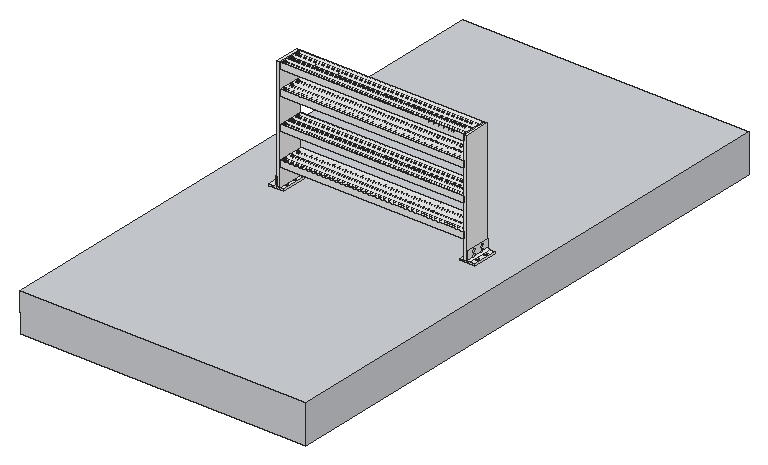
Revit family
Parameters (values of type "36" Projection")
  Warranty = "http://www.alllite-louvers.com/catalog/All-Lite-Warranty.pdf"
  URL = "http://www.alllite-louvers.com"
  Support Height = Projection - 5" + 1 1/32"  # 32 1/32"
  Strut/Shroud = Extruded Aluminum
  Strut = no
  Specifications = "http://www.alllite-louvers.com/catalog/ssr-845-csi-specification.doc"
  SmartBIM Object Version = 3  # constant formula
  SmartBIM Object Created By = "Reed Construction Data"  # constant formula
  Shroud = no
  Projection = 36"
  Product URL = "http://www.alllite-louvers.com/catalog.php?model=SSR-845"
  Outrigger Spacing = 60"
  Outrigger Material = Extruded Aluminum
  Outrigger Height = Projection - 1/2"  # 35 1/2"
  Outrigger = "8\" high x  0.250\" thick plate with flat front."
  Mounting Bracket = "Exposed"  # constant formula
  Model Number = "SSR-845"  # constant formula
  Minimum Size = "12\""
  Maximum Size - Single Section = "96\""
  Maximum Size - Multiple Section = "Unlimited"  # constant formula
  Material = "Mill finish 6063-T5 extruded aluminum."  # constant formula
  Manufacturer = "All-Lite"  # constant formula
  Fascia = "8\" x 2\" x 0.125\" thick rectangular tube"
  Fascia Material = Extruded Aluminum
  Exposed Mounting Bracket = yes
  Default Elevation = 48"
  Cut Sheet = "http://www.alllite-louvers.com/catalog/SSR845.pdf"
  Concealed Mounting Bracket = not(Exposed Mounting Bracket)  # no
  Blades = "0.125\" thick rectangular tube style"
  Blade Material = Extruded Aluminum
  Assembly Code = "B2010400"
  A = 45.00°
  95 CSI = "10700"  # constant formula
  04 CSI = "10 71 13"  # constant formula
Types (4): name | Support Height | Projection | Outrigger Height | Maximum Size - Single Section
  36" Projection | 32 1/32" | 36" | 35 1/2" | "96\""
  42" Projection | 38 1/32" | 42" | 41 1/2" | "96\""
  48" Projection | 44 1/32" | 48" | 47 1/2" | "96\""
  60" Projection | 56 1/32" | 60" | 59 1/2" | "16\""
Reference planes (in)
  plane 1 "Center (Front/Back)": y = 0
  plane 2: z = 0
  plane 3 "Center (Left/Right)": x = 36
  plane 4: z = 36
  plane 5: x = 6
  plane 6: x = 66
  plane 7: x = 65.75
  plane 8: z = 31
  plane 9: y = 8
  plane 10: y = 4
  plane 11: z = 0.5
Forms (in)
  Extrusion 1, solid
    sketch origin (0, 0, 0) x (1, 0, 0) y (0, 1, 0)
      loop
        line (-11.05284, 94.58626) -> (-11.05284, -79.70833) -> (79.04536, -79.70833) -> (79.04536, 94.58626) -> (-11.05284, 94.58626)
    from 0 to -12
Dimensions and locks (in)
  equal spacing: plane 5, plane 3 "Center (Left/Right)", plane 6
  "Outrigger Spacing": plane 5 to plane 6
  "Projection": plane 4 to level
  locked: plane 6 to plane 7 at 0.25
  locked: plane 4 to plane 8 at 5
  nested 1 to nested 1 = 10.80584"
  locked: plane 9 to plane 1 "Center (Front/Back)" at 8
  equal spacing: plane 9, plane 10, plane 1 "Center (Front/Back)"
  locked: plane 11 to plane 2 at 0.5
  aligned and locked: Extrusion 1 to plane 2
  aligned and locked: level to Extrusion 1
  aligned and locked: plane 3 "Center (Left/Right)" to nested 1
  aligned and locked: nested 1 to plane 1 "Center (Front/Back)"
  aligned and locked: nested 4 to plane 5
  aligned and locked: nested 4 to level
  aligned and locked: level to nested 5
  aligned and locked: nested 5 to plane 6
  aligned and locked: plane 5 to nested 6
  aligned and locked: plane 6 to nested 7
  aligned and locked: nested 6 to plane 10
  aligned and locked: nested 7 to plane 10
  aligned and locked: plane 11 to nested 1
  aligned and locked: nested 3 to plane 5
  aligned and locked: nested 2 to plane 6
Automatic sketch dimensions
  Extrusion 1 sketch curve to Extrusion 1 sketch curve = 90.0982"
  Extrusion 1 sketch curve to Extrusion 1 sketch curve = 174.29459"
Nested families (in)
  nested 1: "Outrigger-With-Blades" at (36, 0, 0.5) x (0, 1, 0) z (0, 0, 1), type "Outrigger-With-Blades"
    with Projection 35 1/2", #Of Blades 3
  nested 2: "Strut Connection" at (66.62966, 7.5, 0), type "Strut Connection"
    with Strut no
  nested 3: "Strut Connection" at (5.37034, 7.5, 0) x (-1, 0, 0) z (0, 0, 1), type "Strut Connection"
    with Strut no
  nested 4: "Shroud Connection" at (6.56716, 0.5, 0), type "Shroud Connection"
    with Shroud no
  nested 5: "Shroud Connection" at (65.43284, 0.5, 0) x (-1, 0, 0) z (0, 0, 1), type "Shroud Connection"
    with Shroud no
  nested 6: "Bracket" at (5.875, 4, 0), type "Bracket"
    with Concealed Mounting Bracket no
  nested 7: "Bracket" at (66.125, 4, 0), type "Bracket"
    with Concealed Mounting Bracket no
Definition of nested family "Outrigger-With-Blades"
  Parameters (values of type "Outrigger-With-Blades")
    Projection = 60"
    Outrigger Thickness = 1"
    Outrigger Spacing = 60"
    Outrigger Material = none
    Outrigger Hight = 8"
    Fascia = none
    Blade Material = none
    Assembly Code = ""
    #Of Blades = ((Projection - 6") / 10")  # 5
  Reference planes (in)
    plane 1 "Center (Front/Back)": y = 0
    plane 2: z = 0
    plane 3 "Center (Left/Right)": x = 0
    plane 4: z = 60
    plane 5: y = 30
    plane 6: y = -30
    plane 7: y = 29
    plane 8: y = -29
    plane 9: x = 4
    plane 10: z = 6
    plane 11: z = 16.80584
    plane 12: z = 6.80584
  Forms (in)
    Extrusion 1, solid, material <- "Outrigger Material"
      sketch origin (-26.08204, 30, 48) x (-1, 0, 0) y (0, 0, 1)
        loop
          line (-26.08204, 12) -> (-34.08204, 12) -> (-34.08204, -48) -> (-26.08204, -48) -> (-26.08204, 12)
      from 0 to -1
    Extrusion 2, solid, material <- "Outrigger Material"
      sketch origin (-26.08204, -30, 48) x (-1, 0, 0) y (0, 0, -1)
        loop
          line (-26.08204, -12) -> (-26.08204, 48) -> (-34.08204, 48) -> (-34.08204, -12) -> (-26.08204, -12)
      from 0 to -1
  Dimensions and locks (in)
    "Projection": plane 4 to level
    "Outrigger Hight": Extrusion 1 sketch curve to plane 3 "Center (Left/Right)"
    equal spacing: plane 6, plane 1 "Center (Front/Back)", plane 5
    "Outrigger Spacing": plane 6 to plane 5
    "Outrigger Thickness": plane 5 to plane 7
    "Outrigger Hight": Extrusion 2 sketch curve to plane 3 "Center (Left/Right)"
    "Outrigger Thickness": plane 6 to plane 8
    locked: plane 10 to level at 6
    equal spacing: Extrusion 2, plane 9, plane 3 "Center (Left/Right)"
    locked: plane 12 to plane 10 at 0.80584
    locked: plane 11 to plane 12 at 10
    equal spacing: group 1, group 2, group 3, group 4, group 5  (x3)
    aligned and locked: Extrusion 1 sketch curve to plane 3 "Center (Left/Right)"
    aligned and locked: Extrusion 1 to plane 7
    aligned and locked: Extrusion 2 sketch curve to level
    aligned and locked: plane 3 "Center (Left/Right)" to Extrusion 2 sketch curve
    aligned and locked: plane 6 to Extrusion 2
    aligned and locked: Extrusion 2 to plane 8
    aligned and locked: plane 10 to nested 1
    aligned and locked: plane 1 "Center (Front/Back)" to nested 1
    aligned and locked: nested 1 to plane 9
    aligned and locked: plane 4 to Extrusion 1 sketch curve
    aligned and locked: plane 4 to nested 4
    aligned and locked: plane 9 to nested 4
    aligned and locked: plane 1 "Center (Front/Back)" to nested 4
  Automatic sketch dimensions
    Extrusion 1 sketch curve to level = 0"
    Extrusion 2 sketch curve to plane 4 = 0"
  Nested families (in)
    nested 1: "Blade" at (0, 0, 6), type "Blade"
    nested 2: "Blade" at (0, 0, 16), type "Blade"
    nested 3: "Blade" at (0, 0, 26), type "Blade"
    nested 4: "Blade" at (0, 0, 58), type "Blade"
    nested 5: "Blade" at (0, 0, 36), type "Blade"
    nested 6: "Blade" at (0, 0, 46), type "Blade"
  Definition of nested family "Blade"
    Parameters (values of type "Blade")
      Outrigger Thickness = 1"
      Outrigger Spacing = 60"
      Blade Material = Extruded Aluminum
      Assembly Code = ""
    Reference planes (in)
      plane 1 "Center (Front/Back)": y = 0
      plane 2: z = 0
      plane 3 "Center (Left/Right)": x = 0
      plane 4: y = -30
      plane 5: y = 30
      plane 6: y = 29
      plane 7: y = -29
      plane 8: x = 8
      plane 9: x = 4
      plane 10: z = 1
      plane 11: z = 2
    Forms (in)
      Extrusion 1, solid, material "Extruded Aluminum" <- "Blade Material"
        sketch origin (0, 0, 2) x (-0.707107, 0, -0.707107) y (0.707107, 0, -0.707107)
          loop
            line (-4.24264, 7.07107) -> (-5.65685, 5.65685) -> (0, 0) -> (1.41421, 1.41421) -> (-4.24264, 7.07107)
          loop
            line (-5.48008, 5.65685) -> (-4.60521, 4.78198)
            arc (-4.60521, 4.78198) -> (-4.57784, 5.18599) -> (-4.20547, 5.34511) r 0.38757
            arc (-4.20547, 5.34511) -> (-4.16555, 5.23659) -> (-4.23499, 5.14414) r 0.12095
            arc (-4.23499, 5.14414) -> (-4.43496, 5.02516) -> (-4.35933, 4.8051) r 0.18445
            arc (-4.35933, 4.8051) -> (-4.17043, 4.80142) -> (-4.0774, 4.96586) r 0.18445
            arc (-4.0774, 4.96586) -> (-3.97818, 5.06971) -> (-3.87433, 4.97049) r 0.10156
            arc (-3.87433, 4.97049) -> (-4.05731, 4.63241) -> (-4.44146, 4.61824) r 0.38757
            line (-4.44146, 4.61824) -> (-2.82191, 2.99869)
            arc (-2.82191, 2.99869) -> (-2.79454, 3.4027) -> (-2.42218, 3.56181) r 0.38757
            arc (-2.42218, 3.56181) -> (-2.38225, 3.45329) -> (-2.4517, 3.36084) r 0.12095
            arc (-2.4517, 3.36084) -> (-2.65167, 3.24186) -> (-2.57603, 3.0218) r 0.18445
            arc (-2.57603, 3.0218) -> (-2.38714, 3.01813) -> (-2.2941, 3.18256) r 0.18445
            arc (-2.2941, 3.18256) -> (-2.19488, 3.28641) -> (-2.09103, 3.18719) r 0.10156
            arc (-2.09103, 3.18719) -> (-2.27401, 2.84912) -> (-2.65817, 2.83494) r 0.38757
            line (-2.65817, 2.83494) -> (-1.06967, 1.24645)
            arc (-1.06967, 1.24645) -> (-1.0423, 1.65046) -> (-0.66994, 1.80957) r 0.38757
            arc (-0.66994, 1.80957) -> (-0.63001, 1.70106) -> (-0.69946, 1.60861) r 0.12095
            arc (-0.69946, 1.60861) -> (-0.89943, 1.48962) -> (-0.82379, 1.26957) r 0.18445
            arc (-0.82379, 1.26957) -> (-0.6349, 1.26589) -> (-0.54186, 1.43032) r 0.18445
            arc (-0.54186, 1.43032) -> (-0.44264, 1.53417) -> (-0.33879, 1.43495) r 0.10156
            arc (-0.33879, 1.43495) -> (-0.52177, 1.09688) -> (-0.90593, 1.08271) r 0.38757
            line (-0.90593, 1.08271) -> (0, 0.17678) -> (1.23744, 1.41421) -> (0.33151, 2.32014)
            arc (0.33151, 2.32014) -> (0.31733, 1.93599) -> (-0.02074, 1.753) r 0.38757
            arc (-0.02074, 1.753) -> (-0.11996, 1.85686) -> (-0.01611, 1.95608) r 0.10156
            arc (-0.01611, 1.95608) -> (0.14833, 2.04911) -> (0.14465, 2.23801) r 0.18445
            arc (0.14465, 2.23801) -> (-0.07541, 2.31364) -> (-0.19439, 2.11367) r 0.18445
            arc (-0.19439, 2.11367) -> (-0.28684, 2.04423) -> (-0.39536, 2.08415) r 0.12095
            arc (-0.39536, 2.08415) -> (-0.23625, 2.45652) -> (0.16776, 2.48389) r 0.38757
            line (0.16776, 2.48389) -> (-1.42073, 4.07238)
            arc (-1.42073, 4.07238) -> (-1.4349, 3.68823) -> (-1.77298, 3.50524) r 0.38757
            arc (-1.77298, 3.50524) -> (-1.8722, 3.60909) -> (-1.76835, 3.70831) r 0.10156
            arc (-1.76835, 3.70831) -> (-1.60391, 3.80135) -> (-1.60759, 3.99024) r 0.18445
            arc (-1.60759, 3.99024) -> (-1.82765, 4.06588) -> (-1.94663, 3.86591) r 0.18445
            arc (-1.94663, 3.86591) -> (-2.03908, 3.79646) -> (-2.1476, 3.83639) r 0.12095
            arc (-2.1476, 3.83639) -> (-1.98848, 4.20875) -> (-1.58447, 4.23612) r 0.38757
            line (-1.58447, 4.23612) -> (-3.20403, 5.85568)
            arc (-3.20403, 5.85568) -> (-3.2182, 5.47152) -> (-3.55627, 5.28854) r 0.38757
            arc (-3.55627, 5.28854) -> (-3.65549, 5.39239) -> (-3.55164, 5.49161) r 0.10156
            arc (-3.55164, 5.49161) -> (-3.38721, 5.58465) -> (-3.39089, 5.77354) r 0.18445
            arc (-3.39089, 5.77354) -> (-3.61094, 5.84918) -> (-3.72993, 5.64921) r 0.18445
            arc (-3.72993, 5.64921) -> (-3.82238, 5.57976) -> (-3.93089, 5.61969) r 0.12095
            arc (-3.93089, 5.61969) -> (-3.77178, 5.99205) -> (-3.36777, 6.01942) r 0.38757
            line (-3.36777, 6.01942) -> (-4.24264, 6.89429) -> (-5.48008, 5.65685)
        from -29 to 29
    Dimensions and locks (in)
      equal spacing: plane 4, plane 1 "Center (Front/Back)", plane 5
      "Outrigger Spacing": plane 5 to plane 4
      "Outrigger Thickness": plane 5 to plane 6
      "Outrigger Thickness": plane 4 to plane 7
      equal spacing: plane 11, plane 10, plane 2
      plane 11 to plane 2 = 2"
      equal spacing: plane 8, plane 9, plane 3 "Center (Left/Right)"
      plane 8 to plane 3 "Center (Left/Right)" = 8"
      aligned and locked: plane 7 to Extrusion 1
      aligned and locked: plane 6 to Extrusion 1
    Automatic sketch dimensions
      Extrusion 1 sketch curve to Extrusion 1 sketch curve = 0"  (x50)
      Extrusion 1 sketch curve to plane 8 = 0"  (x2)
      Extrusion 1 sketch curve to plane 11 = 0"
      Extrusion 1 sketch curve to level = 0"
      Extrusion 1 sketch curve to plane 9 = 0"  (x2)
      Extrusion 1 sketch curve to plane 3 "Center (Left/Right)" = 0"
      Extrusion 1 sketch curve to Extrusion 1 sketch curve = 0.17678"  (x3)
      Extrusion 1 sketch curve to Extrusion 1 sketch curve = 0.87487"
      Extrusion 1 sketch curve to Extrusion 1 sketch curve = 0.16374"  (x7)
      Extrusion 1 sketch curve to Extrusion 1 sketch curve = 0.08214"  (x3)
      Extrusion 1 sketch curve to Extrusion 1 sketch curve = 0.07412"  (x3)
      Extrusion 1 sketch curve to Extrusion 1 sketch curve = 0.09753"  (x3)
      Extrusion 1 sketch curve to Extrusion 1 sketch curve = 0.05022"  (x3)
      Extrusion 1 sketch curve to Extrusion 1 sketch curve = 0.07974"  (x3)
      Extrusion 1 sketch curve to Extrusion 1 sketch curve = 0.1844"  (x3)
      Extrusion 1 sketch curve to Extrusion 1 sketch curve = 0.10154"  (x4)
      Extrusion 1 sketch curve to Extrusion 1 sketch curve = 0.27458"  (x3)
      Extrusion 1 sketch curve to Extrusion 1 sketch curve = 0.09094"  (x3)
      Extrusion 1 sketch curve to Extrusion 1 sketch curve = 0.11003"  (x3)
      Extrusion 1 sketch curve to Extrusion 1 sketch curve = 0.17365"  (x3)
      Extrusion 1 sketch curve to Extrusion 1 sketch curve = 0.00232"  (x3)
      Extrusion 1 sketch curve to Extrusion 1 sketch curve = 0.0042"  (x3)
      Extrusion 1 sketch curve to Extrusion 1 sketch curve = 0.15655"  (x3)
      Extrusion 1 sketch curve to Extrusion 1 sketch curve = 0.02312"  (x3)
      Extrusion 1 sketch curve to Extrusion 1 sketch curve = 0.18686"  (x4)
      Extrusion 1 sketch curve to Extrusion 1 sketch curve = 1.05241"
      Extrusion 1 sketch curve to Extrusion 1 sketch curve = 1.06967"
      Extrusion 1 sketch curve to Extrusion 1 sketch curve = 0.90593"
      Extrusion 1 sketch curve to Extrusion 1 sketch curve = 0.31805"  (x2)
      Extrusion 1 sketch curve to Extrusion 1 sketch curve = 0.02952"  (x3)
      Extrusion 1 sketch curve to Extrusion 1 sketch curve = 0.34341"
      Extrusion 1 sketch curve to Extrusion 1 sketch curve = 0.38747"
      Extrusion 1 sketch curve to Extrusion 1 sketch curve = 1.03861"
Definition of nested family "Bracket"
  Parameters
    Mounting Bracket = Extruded Aluminum
    Exposed Mounting Bracket = yes
    Concealed Mounting Bracket = yes
  Reference planes (in)
    plane 1 "Center (Front/Back)": y = 0
    plane 2: z = 0
    plane 3 "Center (Left/Right)": x = 0
    plane 4: x = 0.125
    plane 5: x = -0.125
  Forms (in)
    Extrusion 1, solid, material "Extruded Aluminum" <- "Mounting Bracket", visible <- "Exposed Mounting Bracket"
      sketch origin (0, -3, 0) x (1, 0, 0) y (0, 0, -1)
        loop
          line (0.125, -3.5) -> (0.125, -1)
          arc (0.125, -1) -> (0.27145, -0.64645) -> (0.625, -0.5) r 0.5
          line (0.625, -0.5) -> (2.25, -0.5) -> (2.25, 0) -> (-2.25, 0) -> (-2.25, -0.5) -> (-0.625, -0.5)
          arc (-0.625, -0.5) -> (-0.27145, -0.64645) -> (-0.125, -1) r 0.5
          line (-0.125, -1) -> (-0.125, -3.5) -> (0.125, -3.5)
      from -1 to 7
    Extrusion 2, solid, material "Extruded Aluminum" <- "Mounting Bracket", visible <- "Exposed Mounting Bracket"
      sketch origin (0, -3.34375, 0) x (0, 0, -1) y (0, 1, 0)
        loop
          line (-3.01381, 1.1732) -> (-2.54571, 1.1732) -> (-2.31166, 1.57859) -> (-2.54571, 1.98398) -> (-3.01381, 1.98398) -> (-3.24786, 1.57859) -> (-3.01381, 1.1732)
        loop
          line (-1.59929, 1.1732) -> (-1.13119, 1.1732) -> (-0.89714, 1.57859) -> (-1.13119, 1.98398) -> (-1.59929, 1.98398) -> (-1.83334, 1.57859) -> (-1.59929, 1.1732)
        loop
          line (-3.01381, 4.50546) -> (-2.54571, 4.50546) -> (-2.31166, 4.91085) -> (-2.54571, 5.31624) -> (-3.01381, 5.31624) -> (-3.24786, 4.91085) -> (-3.01381, 4.50546)
        loop
          line (-1.59929, 4.50546) -> (-1.13119, 4.50546) -> (-0.89714, 4.91085) -> (-1.13119, 5.31624) -> (-1.59929, 5.31624) -> (-1.83334, 4.91085) -> (-1.59929, 4.50546)
      from 0.125 to 0.25
    Extrusion 3, solid, material "Extruded Aluminum" <- "Mounting Bracket", visible <- "Exposed Mounting Bracket"
      sketch origin (0, -3.34375, 0) x (0, 0, -1) y (0, -1, 0)
        loop
          line (-3.01381, -1.1732) -> (-3.24786, -1.57859) -> (-3.01381, -1.98398) -> (-2.54571, -1.98398) -> (-2.31166, -1.57859) -> (-2.54571, -1.1732) -> (-3.01381, -1.1732)
        loop
          line (-1.59929, -1.1732) -> (-1.83334, -1.57859) -> (-1.59929, -1.98398) -> (-1.13119, -1.98398) -> (-0.89714, -1.57859) -> (-1.13119, -1.1732) -> (-1.59929, -1.1732)
        loop
          line (-3.01381, -4.50546) -> (-3.24786, -4.91085) -> (-3.01381, -5.31624) -> (-2.54571, -5.31624) -> (-2.31166, -4.91085) -> (-2.54571, -4.50546) -> (-3.01381, -4.50546)
        loop
          line (-1.59929, -4.50546) -> (-1.83334, -4.91085) -> (-1.59929, -5.31624) -> (-1.13119, -5.31624) -> (-0.89714, -4.91085) -> (-1.13119, -4.50546) -> (-1.59929, -4.50546)
      from 0.125 to 0.25
    Extrusion 4, solid, material "Extruded Aluminum" <- "Mounting Bracket", visible <- "Exposed Mounting Bracket"
      sketch origin (-4.22137, -3.34375, 0.875) x (-1, 0, 0) y (0, -1, 0)
        loop
          line (-3.20131, -1.2575) -> (-3.43536, -1.66289) -> (-3.20131, -2.06828) -> (-2.73321, -2.06828) -> (-2.49916, -1.66289) -> (-2.73321, -1.2575) -> (-3.20131, -1.2575)
        loop
          line (-3.20131, -4.56267) -> (-3.43536, -4.96806) -> (-3.20131, -5.37344) -> (-2.73321, -5.37344) -> (-2.49916, -4.96806) -> (-2.73321, -4.56267) -> (-3.20131, -4.56267)
      from -0.375 to -0.32394
    Extrusion 5, solid, material "Extruded Aluminum" <- "Mounting Bracket", visible <- "Exposed Mounting Bracket"
      sketch origin (4.22137, -3.34375, 0.875) x (1, 0, 0) y (0, 1, 0)
        loop
          line (-3.20131, 1.2575) -> (-2.73321, 1.2575) -> (-2.49916, 1.66289) -> (-2.73321, 2.06828) -> (-3.20131, 2.06828) -> (-3.43536, 1.66289) -> (-3.20131, 1.2575)
        loop
          line (-3.20131, 4.57817) -> (-2.73321, 4.57817) -> (-2.49916, 4.98355) -> (-2.73321, 5.38894) -> (-3.20131, 5.38894) -> (-3.43536, 4.98355) -> (-3.20131, 4.57817)
      from -0.375 to -0.32394
    Extrusion 6, solid, material "Extruded Aluminum" <- "Mounting Bracket", visible <- "Concealed Mounting Bracket"
      sketch origin (0, 0, 0) x (0, 1, 0) y (0, 0, 1)
        loop
          line (4, 3.5) -> (-4, 3.5) -> (-4, 0) -> (4, 0) -> (4, 3.5)
      from -0.125 to 0.125
    Extrusion 7, solid, material "Extruded Aluminum" <- "Mounting Bracket", visible <- "Concealed Mounting Bracket"
      sketch origin (-0.25, -3.34375, 0) x (0, 0, -1) y (0, -1, 0)
        loop
          line (-3.24786, -4.91085) -> (-3.01381, -5.31624) -> (-2.54571, -5.31624) -> (-2.31166, -4.91085) -> (-2.54571, -4.50546) -> (-3.01381, -4.50546) -> (-3.24786, -4.91085)
        loop
          line (-3.24786, -1.57859) -> (-3.01381, -1.98398) -> (-2.54571, -1.98398) -> (-2.31166, -1.57859) -> (-2.54571, -1.1732) -> (-3.01381, -1.1732) -> (-3.24786, -1.57859)
        loop
          line (-1.83334, -1.57859) -> (-1.59929, -1.98398) -> (-1.13119, -1.98398) -> (-0.89714, -1.57859) -> (-1.13119, -1.1732) -> (-1.59929, -1.1732) -> (-1.83334, -1.57859)
        loop
          line (-1.59929, -4.50546) -> (-1.83334, -4.91085) -> (-1.59929, -5.31624) -> (-1.13119, -5.31624) -> (-0.89714, -4.91085) -> (-1.13119, -4.50546) -> (-1.59929, -4.50546)
      from -0.375 to -0.5
    Extrusion 8, solid, material "Extruded Aluminum" <- "Mounting Bracket", visible <- "Concealed Mounting Bracket"
      sketch origin (0.25, -3.34375, 0) x (0, 0, -1) y (0, 1, 0)
        loop
          line (-3.24786, 4.91085) -> (-3.01381, 4.50546) -> (-2.54571, 4.50546) -> (-2.31166, 4.91085) -> (-2.54571, 5.31624) -> (-3.01381, 5.31624) -> (-3.24786, 4.91085)
        loop
          line (-3.24786, 1.57859) -> (-3.01381, 1.1732) -> (-2.54571, 1.1732) -> (-2.31166, 1.57859) -> (-2.54571, 1.98398) -> (-3.01381, 1.98398) -> (-3.24786, 1.57859)
        loop
          line (-1.83334, 1.57859) -> (-1.59929, 1.1732) -> (-1.13119, 1.1732) -> (-0.89714, 1.57859) -> (-1.13119, 1.98398) -> (-1.59929, 1.98398) -> (-1.83334, 1.57859)
        loop
          line (-1.59929, 4.50546) -> (-1.13119, 4.50546) -> (-0.89714, 4.91085) -> (-1.13119, 5.31624) -> (-1.59929, 5.31624) -> (-1.83334, 4.91085) -> (-1.59929, 4.50546)
      from -0.375 to -0.5
  Dimensions and locks (in)
    plane 3 "Center (Left/Right)" to plane 4 = 1/8"
    aligned and locked: Extrusion 2 to Extrusion 1
    aligned and locked: Extrusion 3 to Extrusion 1
    aligned and locked: Extrusion 4 to Extrusion 1
    aligned and locked: Extrusion 5 to Extrusion 1
    aligned and locked: Extrusion 1 to plane 5
    aligned and locked: Extrusion 1 to plane 4
    aligned and locked: Extrusion 6 to plane 5
    aligned and locked: Extrusion 6 to plane 4
    aligned and locked: Extrusion 1 to Extrusion 6  (x2)
    aligned and locked: Extrusion 1 to Extrusion 7
    aligned and locked: Extrusion 8 to Extrusion 1
    aligned and locked: level to Extrusion 6 sketch curve
Definition of nested family "Strut Connection"
  Parameters (values of type "Strut Connection")
    Support = Extruded Aluminum
    Strut = yes
    Height = 32 1/32"
    Assembly Code = ""
    A = 45.00°
  Reference planes (in)
    plane 1 "Center (Front/Back)": y = 0
    plane 2: z = 0
    plane 3 "Center (Left/Right)": x = 0
    plane 4: z = 32.03125
    plane 5: x = -0.56716
  Forms (in)
    Extrusion 1, solid, material "Extruded Aluminum" <- "Support", visible <- "Strut"
      sketch origin (0, 0, 32.03125) x (0, -0.707107, -0.707107) y (0, 0.707107, -0.707107)
        loop
          line (43.73126, 1.39128) -> (45.1898, -0.06725) -> (45.32899, -0.02996) -> (43.8195, 1.47953) -> (43.73126, 1.39128)
      from -1.16425 to -0.50466
    Extrusion 2, solid, material "Extruded Aluminum" <- "Support", visible <- "Strut"
      sketch origin (0, -12.00474, 32.03125) x (0, -0.707107, -0.707107) y (0, 0.707107, -0.707107)
        loop
          line (35.24598, 9.87656) -> (34.32578, 8.95637) -> (34.32578, 8.08532) -> (34.76733, 7.71752) -> (36.70117, 8.42138) -> (35.24598, 9.87656)
      from -0.62966 to -0.50466
    Revolve 3, solid, material "Extruded Aluminum" <- "Support", visible <- "Strut"
      sketch origin (-0.57205, 0, 36) x (0, -0.707107, -0.707107) y (0, 0.707107, -0.707107)
        loop
          line (45.62074, 2.15302) -> (45.54726, 2.80633) -> (5.34982, 2.80633) -> (5.34982, 2.15302) -> (7.30446, 2.15302) -> (7.34387, 2.19243) -> (7.49769, 2.19243) -> (7.49769, 2.34625) -> (9.15129, 2.34625) -> (9.15129, 2.21336) -> (41.84765, 2.21336) -> (41.84765, 2.34625) -> (43.50125, 2.34625) -> (43.50125, 2.19243) -> (43.65508, 2.19243) -> (43.69449, 2.15302) -> (45.62074, 2.15302)
        axis (5.34982, 2.80633) -> (45.62074, 2.80633)
      angle from 0 to 360
    Extrusion 4, solid, material "Extruded Aluminum" <- "Support", visible <- "Strut"
      sketch origin (0, 0, 32.03125) x (0, -0.707107, -0.707107) y (0, 0.707107, -0.707107)
        loop
          line (42.81441, 0.40331) -> (42.81441, -0.40331) -> (43.33232, -0.40331)
          arc (43.33232, -0.40331) -> (43.73564, 0) -> (43.33232, 0.40331) r 0.40331
          line (43.33232, 0.40331) -> (42.81441, 0.40331)
        loop
          circle (43.21303, 0) r 0.25
      from -0.50466 to -0.39838
    Extrusion 5, solid, material "Extruded Aluminum" <- "Support", visible <- "Strut"
      sketch origin (0, 0, 32.03125) x (0, -0.707107, -0.707107) y (0, 0.707107, -0.707107)
        loop
          line (42.81441, 0.40331) -> (42.81441, -0.40331) -> (43.33232, -0.40331)
          arc (43.33232, -0.40331) -> (43.73564, 0) -> (43.33232, 0.40331) r 0.40331
          line (43.33232, 0.40331) -> (42.81441, 0.40331)
        loop
          circle (43.21303, 0) r 0.25
      from -0.72204 to -0.62966
    Extrusion 6, solid, material "Extruded Aluminum" <- "Support", visible <- "Strut"
      sketch origin (0, 0, 32.03125) x (0, -0.707107, -0.707107) y (0, 0.707107, -0.707107)
        loop
          line (2.54349, 0.40331) -> (2.02558, 0.40331)
          arc (2.02558, 0.40331) -> (1.62227, 0) -> (2.02558, -0.40331) r 0.40331
          line (2.02558, -0.40331) -> (2.54349, -0.40331) -> (2.54349, 0.40331)
        loop
          circle (2.18595, 0) r 0.24295
      from -0.50466 to -0.39838
    Extrusion 7, solid, material "Extruded Aluminum" <- "Support", visible <- "Strut"
      sketch origin (0, 0, 32.03125) x (0, -0.707107, -0.707107) y (0, 0.707107, -0.707107)
        loop
          line (2.54349, 0.65331) -> (2.04349, 0.65331)
          arc (2.04349, 0.65331) -> (2.01476, 0.65166) -> (1.98642, 0.64671) r 0.25
          arc (1.98642, 0.64671) -> (1.84757, 0.55861) -> (1.79349, 0.40331) r 0.25
          line (1.79349, 0.40331) -> (1.79349, -0.40331)
          arc (1.79349, -0.40331) -> (1.86671, -0.58009) -> (2.04349, -0.65331) r 0.25
          line (2.04349, -0.65331) -> (2.54349, -0.65331) -> (2.54349, 0.65331)
        loop
          circle (2.18595, 0) r 0.24295
      from -0.72204 to -0.62966
    Extrusion 8, solid, material "Extruded Aluminum" <- "Support", visible <- "Strut"
      sketch origin (0, 0, 32.03125) x (0, -0.707107, -0.707107) y (0, 0.707107, -0.707107)
        loop
          line (2.71645, 0.23035) -> (-3.83054, 6.77735) -> (-4.66877, 5.93913) -> (1.87823, -0.60787)
          arc (1.87823, -0.60787) -> (2.71645, -0.60787) -> (2.71645, 0.23035) r 0.59271
        loop
          circle (2.18595, 0) r 0.24295
        loop
          circle (0.86828, 1.26818) r 0.31811
        loop
          circle (-3.69822, 5.8547) r 0.31811
      from -0.62966 to -0.50466
  Cuts and joins
    joined: Extrusion 1, Extrusion 2
    joined: Extrusion 6, Extrusion 8
  Lines and regions (in)
    reference lines
      curve 1: line (0, 0, 32.03125) -> (0, -32.03125, 0)
  Dimensions and locks (in)
    "Height": level to plane 4
    "A": angle plane 1 "Center (Front/Back)" to curve 1
    aligned and locked: plane 4 to curve 1
    aligned and locked: plane 1 "Center (Front/Back)" to curve 1
    aligned and locked: level to curve 1
  Automatic sketch dimensions
    Extrusion 1 sketch curve to curve 1 = 1.56777"
    Extrusion 1 sketch curve to Extrusion 1 sketch curve = 0.08824"
    Extrusion 1 sketch curve to curve 1 = 0.10923"
    curve 1 to Extrusion 1 sketch curve = 0.02996"  (x2)
    curve 1 to Extrusion 1 sketch curve = 0.06725"
    Extrusion 2 sketch curve to curve 1 = 0.46774"
    Extrusion 2 sketch curve to curve 1 = 2.48462"
    curve 1 to Extrusion 2 sketch curve = 0.77111"
    Extrusion 2 sketch curve to Extrusion 2 sketch curve = 0.44155"
    Extrusion 2 sketch curve to Extrusion 2 sketch curve = 0.9202"
    Extrusion 2 sketch curve to curve 1 = 0.10923"
    curve 1 to Extrusion 2 sketch curve = 0.40331"
    curve 1 to Extrusion 2 sketch curve = 0.06725"
    Extrusion 4 sketch curve to curve 1 = 0"  (x2)
    Extrusion 4 sketch curve to curve 1 = 0.40331"
    Extrusion 4 sketch curve to curve 1 = 2.48462"
    Extrusion 4 sketch curve to Extrusion 4 sketch curve = 0.51791"
    Extrusion 6 sketch curve to curve 1 = 0"  (x2)
    Extrusion 6 sketch curve to curve 1 = 0.40331"
    curve 1 to Extrusion 6 sketch curve = 2.02558"
    Extrusion 6 sketch curve to Extrusion 6 sketch curve = 0.51791"
    Revolve 3 sketch curve to plane 1 "Center (Front/Back)" = 0"
    Revolve 3 sketch curve to plane 4 = 0"
    Revolve 3 sketch curve to level = 0"
    Revolve 3 sketch curve to Revolve 3 sketch curve = 2.54349"
    Revolve 3 sketch curve to Revolve 3 sketch curve = 1.95464"
    Revolve 3 sketch curve to Revolve 3 sketch curve = 0.03941"  (x2)
    Revolve 3 sketch curve to Revolve 3 sketch curve = 0.15382"  (x4)
    Revolve 3 sketch curve to Revolve 3 sketch curve = 1.6536"  (x2)
    Revolve 3 sketch curve to Revolve 3 sketch curve = 6.2577"
    Revolve 3 sketch curve to Revolve 3 sketch curve = 1.85277"
    Revolve 3 sketch curve to Revolve 3 sketch curve = 0.07348"
    Revolve 3 sketch curve to Revolve 3 sketch curve = 0"
    Revolve 3 sketch curve to Revolve 3 sketch curve = 0.46008"  (x2)
    Revolve 3 sketch curve to Revolve 3 sketch curve = 0.13289"
    Revolve 3 sketch curve to Revolve 3 sketch curve = 0.65331"  (x2)
    Extrusion 5 sketch curve to curve 1 = 0"  (x2)
    curve 1 to Extrusion 5 sketch curve = 0.40331"
    Extrusion 5 sketch curve to curve 1 = 2.48462"
    Extrusion 5 sketch curve to Extrusion 5 sketch curve = 0.39862"
    Extrusion 5 sketch curve to Extrusion 5 sketch curve = 0.11929"
    Extrusion 4 sketch curve to Extrusion 4 sketch curve = 0.36929"
    Extrusion 4 sketch curve to Extrusion 4 sketch curve = 0.11929"
    Extrusion 6 sketch curve to Extrusion 6 sketch curve = 0.08259"
    Extrusion 6 sketch curve to Extrusion 6 sketch curve = 0.16036"
    Extrusion 7 sketch curve to Extrusion 7 sketch curve = 0"  (x2)
    Extrusion 7 sketch curve to curve 1 = 0"
    Extrusion 7 sketch curve to curve 1 = 0.40331"
    curve 1 to Extrusion 7 sketch curve = 1.79349"
    Extrusion 7 sketch curve to Extrusion 7 sketch curve = 0.19293"
    Extrusion 7 sketch curve to Extrusion 7 sketch curve = 1/4"
    Extrusion 7 sketch curve to Extrusion 7 sketch curve = 0.05707"
    Extrusion 7 sketch curve to Extrusion 7 sketch curve = 0.14246"
    Extrusion 7 sketch curve to Extrusion 7 sketch curve = 1/2"
    curve 1 to Extrusion 7 sketch curve = 0.40331"
    Extrusion 8 sketch curve to Extrusion 8 sketch curve = 0"  (x2)
    Extrusion 8 sketch curve to curve 1 = 0"
    Extrusion 8 sketch curve to curve 1 = 4.66877"
    Extrusion 8 sketch curve to Extrusion 8 sketch curve = 0.83822"
    Extrusion 8 sketch curve to Extrusion 8 sketch curve = 0.13232"
    curve 1 to Extrusion 8 sketch curve = 0.86828"
    curve 1 to Extrusion 8 sketch curve = 0.60787"
    curve 1 to Extrusion 8 sketch curve = 1.87823"
    Extrusion 8 sketch curve to Extrusion 8 sketch curve = 0.06477"
    Extrusion 8 sketch curve to Extrusion 8 sketch curve = 0.24295"
    curve 1 to Extrusion 8 sketch curve = 0.18876"
    Extrusion 8 sketch curve to Extrusion 8 sketch curve = 0.11139"
    Extrusion 8 sketch curve to curve 1 = 0.23035"
    curve 1 to Extrusion 8 sketch curve = 1.26818"
    Extrusion 8 sketch curve to Extrusion 8 sketch curve = 0.92265"
    radius of Extrusion 5 sketch curve = 1/4"
    radius of Extrusion 7 sketch curve = 0.24295"
    radius of Extrusion 8 sketch curve = 0.31811"  (x2)
Definition of nested family "Shroud Connection"
  Parameters (values of type "Shroud Connection")
    Support = Extruded Aluminum
    Shroud = yes
    Height = 32 1/32"
    Assembly Code = ""
    A = 45.00°
  Reference planes (in)
    plane 1 "Center (Front/Back)": y = 0
    plane 2: z = 0
    plane 3 "Center (Left/Right)": x = 0
    plane 4: z = 32.03125
    plane 5: x = -0.56716
  Forms (in)
    Extrusion 1, solid, material "Extruded Aluminum" <- "Support", visible <- "Shroud"
      sketch origin (0, 0, 32.03125) x (0, -0.707107, -0.707107) y (0, 0.707107, -0.707107)
        loop
          line (43.73126, 1.39128) -> (45.1898, -0.06725) -> (45.32899, -0.02996) -> (43.8195, 1.47953) -> (43.73126, 1.39128)
      from -1.16425 to -0.50466
    Extrusion 2, solid, material "Extruded Aluminum" <- "Support", visible <- "Shroud"
      sketch origin (0, -12.00474, 32.03125) x (0, -0.707107, -0.707107) y (0, 0.707107, -0.707107)
        loop
          line (35.24598, 9.87656) -> (34.32578, 8.95637) -> (34.32578, 8.08532) -> (34.76733, 7.71752) -> (36.70117, 8.42138) -> (35.24598, 9.87656)
      from -0.62966 to -0.50466
    Revolve 3, solid, material "Extruded Aluminum" <- "Support", visible <- "Shroud"
      sketch origin (-0.57205, 0, 36) x (0, -0.707107, -0.707107) y (0, 0.707107, -0.707107)
        loop
          line (45.62074, 2.15302) -> (45.54726, 2.80633) -> (5.34982, 2.80633) -> (5.34982, 2.15302) -> (7.30446, 2.15302) -> (7.34387, 2.19243) -> (7.49769, 2.19243) -> (7.49769, 2.34625) -> (9.15129, 2.34625) -> (9.15129, 2.21336) -> (41.84765, 2.21336) -> (41.84765, 2.34625) -> (43.50125, 2.34625) -> (43.50125, 2.19243) -> (43.65508, 2.19243) -> (43.69449, 2.15302) -> (45.62074, 2.15302)
        axis (5.34982, 2.80633) -> (45.62074, 2.80633)
      angle from 0 to 360
    Extrusion 4, solid, material "Extruded Aluminum" <- "Support", visible <- "Shroud"
      sketch origin (0, 0, 32.03125) x (0, -0.707107, -0.707107) y (0, 0.707107, -0.707107)
        loop
          line (42.81441, 0.40331) -> (42.81441, -0.40331) -> (43.33232, -0.40331)
          arc (43.33232, -0.40331) -> (43.73564, 0) -> (43.33232, 0.40331) r 0.40331
          line (43.33232, 0.40331) -> (42.81441, 0.40331)
        loop
          circle (43.21303, 0) r 0.25
      from -0.50466 to -0.39838
    Extrusion 5, solid, material "Extruded Aluminum" <- "Support", visible <- "Shroud"
      sketch origin (0, 0, 32.03125) x (0, -0.707107, -0.707107) y (0, 0.707107, -0.707107)
        loop
          line (42.81441, 0.40331) -> (42.81441, -0.40331) -> (43.33232, -0.40331)
          arc (43.33232, -0.40331) -> (43.73564, 0) -> (43.33232, 0.40331) r 0.40331
          line (43.33232, 0.40331) -> (42.81441, 0.40331)
        loop
          circle (43.21303, 0) r 0.25
      from -0.72204 to -0.62966
    Extrusion 6, solid, material "Extruded Aluminum" <- "Support", visible <- "Shroud"
      sketch origin (0, 0, 32.03125) x (0, -0.707107, -0.707107) y (0, 0.707107, -0.707107)
        loop
          line (2.54349, 0.40331) -> (2.02558, 0.40331)
          arc (2.02558, 0.40331) -> (1.62227, 0) -> (2.02558, -0.40331) r 0.40331
          line (2.02558, -0.40331) -> (2.54349, -0.40331) -> (2.54349, 0.40331)
        loop
          circle (2.18595, 0) r 0.24295
      from -0.50466 to -0.39838
    Extrusion 7, solid, material "Extruded Aluminum" <- "Support", visible <- "Shroud"
      sketch origin (0, 0, 32.03125) x (0, -0.707107, -0.707107) y (0, 0.707107, -0.707107)
        loop
          line (2.54349, 0.65331) -> (2.04349, 0.65331)
          arc (2.04349, 0.65331) -> (2.01476, 0.65166) -> (1.98642, 0.64671) r 0.25
          arc (1.98642, 0.64671) -> (1.84757, 0.55861) -> (1.79349, 0.40331) r 0.25
          line (1.79349, 0.40331) -> (1.79349, -0.40331)
          arc (1.79349, -0.40331) -> (1.86671, -0.58009) -> (2.04349, -0.65331) r 0.25
          line (2.04349, -0.65331) -> (2.54349, -0.65331) -> (2.54349, 0.65331)
        loop
          circle (2.18595, 0) r 0.24295
      from -0.72204 to -0.62966
    Extrusion 8, solid, material "Extruded Aluminum" <- "Support", visible <- "Shroud"
      sketch origin (0, 0, 32.03125) x (0, -0.707107, -0.707107) y (0, 0.707107, -0.707107)
        loop
          line (2.71645, 0.23035) -> (-3.83054, 6.77735) -> (-4.66877, 5.93913) -> (1.87823, -0.60787)
          arc (1.87823, -0.60787) -> (2.71645, -0.60787) -> (2.71645, 0.23035) r 0.59271
        loop
          circle (2.18595, 0) r 0.24295
        loop
          circle (0.86828, 1.26818) r 0.31811
        loop
          circle (-3.86181, 5.99827) r 0.31811
      from -0.62966 to -0.50466
  Cuts and joins
    joined: Extrusion 1, Extrusion 2
    joined: Extrusion 6, Extrusion 8
  Lines and regions (in)
    reference lines
      curve 1: line (0, 0, 32.03125) -> (0, -32.03125, 0)
  Dimensions and locks (in)
    "Height": level to plane 4
    "A": angle plane 1 "Center (Front/Back)" to curve 1
    aligned and locked: plane 4 to curve 1
    aligned and locked: plane 1 "Center (Front/Back)" to curve 1
    aligned and locked: level to curve 1
  Automatic sketch dimensions
    Extrusion 1 sketch curve to curve 1 = 1.56777"
    Extrusion 1 sketch curve to Extrusion 1 sketch curve = 0.08824"
    Extrusion 1 sketch curve to curve 1 = 0.10923"
    curve 1 to Extrusion 1 sketch curve = 0.02996"  (x2)
    curve 1 to Extrusion 1 sketch curve = 0.06725"
    Extrusion 2 sketch curve to curve 1 = 0.46774"
    Extrusion 2 sketch curve to curve 1 = 2.48462"
    curve 1 to Extrusion 2 sketch curve = 0.77111"
    Extrusion 2 sketch curve to Extrusion 2 sketch curve = 0.44155"
    Extrusion 2 sketch curve to Extrusion 2 sketch curve = 0.9202"
    Extrusion 2 sketch curve to curve 1 = 0.10923"
    curve 1 to Extrusion 2 sketch curve = 0.40331"
    curve 1 to Extrusion 2 sketch curve = 0.06725"
    Extrusion 4 sketch curve to curve 1 = 0"  (x2)
    Extrusion 4 sketch curve to curve 1 = 0.40331"
    Extrusion 4 sketch curve to curve 1 = 2.48462"
    Extrusion 4 sketch curve to Extrusion 4 sketch curve = 0.51791"
    Extrusion 6 sketch curve to curve 1 = 0"  (x2)
    Extrusion 6 sketch curve to curve 1 = 0.40331"
    curve 1 to Extrusion 6 sketch curve = 2.02558"
    Extrusion 6 sketch curve to Extrusion 6 sketch curve = 0.51791"
    Revolve 3 sketch curve to plane 1 "Center (Front/Back)" = 0"
    Revolve 3 sketch curve to plane 4 = 0"
    Revolve 3 sketch curve to level = 0"
    Revolve 3 sketch curve to Revolve 3 sketch curve = 2.54349"
    Revolve 3 sketch curve to Revolve 3 sketch curve = 1.95464"
    Revolve 3 sketch curve to Revolve 3 sketch curve = 0.03941"  (x2)
    Revolve 3 sketch curve to Revolve 3 sketch curve = 0.15382"  (x4)
    Revolve 3 sketch curve to Revolve 3 sketch curve = 1.6536"  (x2)
    Revolve 3 sketch curve to Revolve 3 sketch curve = 6.2577"
    Revolve 3 sketch curve to Revolve 3 sketch curve = 1.85277"
    Revolve 3 sketch curve to Revolve 3 sketch curve = 0.07348"
    Revolve 3 sketch curve to Revolve 3 sketch curve = 0"
    Revolve 3 sketch curve to Revolve 3 sketch curve = 0.46008"  (x2)
    Revolve 3 sketch curve to Revolve 3 sketch curve = 0.13289"
    Revolve 3 sketch curve to Revolve 3 sketch curve = 0.65331"  (x2)
    Extrusion 5 sketch curve to curve 1 = 0"  (x2)
    curve 1 to Extrusion 5 sketch curve = 0.40331"
    Extrusion 5 sketch curve to curve 1 = 2.48462"
    Extrusion 5 sketch curve to Extrusion 5 sketch curve = 0.39862"
    Extrusion 5 sketch curve to Extrusion 5 sketch curve = 0.11929"
    Extrusion 4 sketch curve to Extrusion 4 sketch curve = 0.36929"
    Extrusion 4 sketch curve to Extrusion 4 sketch curve = 0.11929"
    Extrusion 6 sketch curve to Extrusion 6 sketch curve = 0.08259"
    Extrusion 6 sketch curve to Extrusion 6 sketch curve = 0.16036"
    Extrusion 8 sketch curve to Extrusion 8 sketch curve = 0"  (x2)
    Extrusion 8 sketch curve to curve 1 = 0"
    Extrusion 8 sketch curve to curve 1 = 4.66877"
    Extrusion 8 sketch curve to Extrusion 8 sketch curve = 0.80696"
    Extrusion 8 sketch curve to Extrusion 8 sketch curve = 1/32"
    curve 1 to Extrusion 8 sketch curve = 0.86828"
    curve 1 to Extrusion 8 sketch curve = 0.60787"
    curve 1 to Extrusion 8 sketch curve = 1.87823"
    Extrusion 8 sketch curve to Extrusion 8 sketch curve = 0.06477"
    Extrusion 8 sketch curve to Extrusion 8 sketch curve = 0.24295"
    curve 1 to Extrusion 8 sketch curve = 0.18876"
    Extrusion 8 sketch curve to Extrusion 8 sketch curve = 0.11139"
    Extrusion 8 sketch curve to curve 1 = 0.23035"
    curve 1 to Extrusion 8 sketch curve = 1.26818"
    Extrusion 8 sketch curve to Extrusion 8 sketch curve = 0.77908"
    Extrusion 7 sketch curve to Extrusion 7 sketch curve = 0"  (x2)
    Extrusion 7 sketch curve to curve 1 = 0"
    Extrusion 7 sketch curve to curve 1 = 0.40331"
    curve 1 to Extrusion 7 sketch curve = 1.79349"
    Extrusion 7 sketch curve to Extrusion 7 sketch curve = 0.19293"
    Extrusion 7 sketch curve to Extrusion 7 sketch curve = 1/4"
    Extrusion 7 sketch curve to Extrusion 7 sketch curve = 0.05707"
    Extrusion 7 sketch curve to Extrusion 7 sketch curve = 0.14246"
    Extrusion 7 sketch curve to Extrusion 7 sketch curve = 1/2"
    curve 1 to Extrusion 7 sketch curve = 0.40331"
    radius of Extrusion 5 sketch curve = 1/4"
    radius of Extrusion 8 sketch curve = 0.31811"  (x2)
    radius of Extrusion 7 sketch curve = 0.24295"
